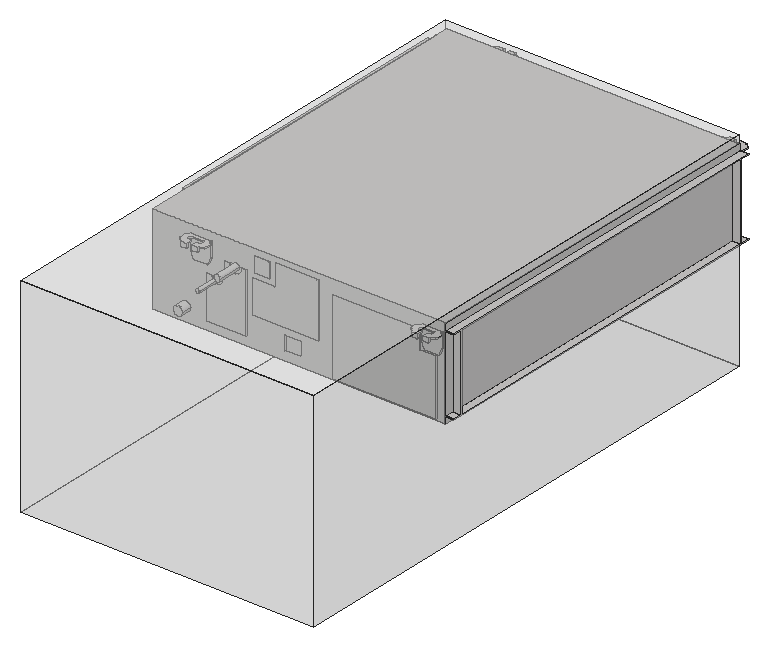
Revit family "outputfile", category 機械設備, Revit 2024
Family settings
  丸型コネクタ寸法 = 半径を使用
  パーツ タイプ = 標準
  OmniClass 番号 = 23.75.10.24.21.27.27
  OmniClass タイトル = Split System Air Conditioning Units
  作業面ベース = いいえ
  常に垂直 = はい
  ロード時にボイドで切り取り = いいえ
  注釈の向きを維持 = いいえ
  共有 = いいえ
  部屋計算ポイント = はい
Parameters (values of type "FBFC30DV2S")
  Description = ""
  製造元 = "Daikin"
  書き出し IFC クラス(タイプ) = "IfcUnitaryEquipmentType"
  定義済み IFC タイプ(タイプ) = "AIRCONDITIONINGUNIT"
  Cost = 0
  モデル = "FBFC30DV2S"
  Type Comments = ""
  Keynote = ""
  Type Image = (empty or 0)
  Assembly Code = ""
  switch_frequency = yes
  r_Liquid Pipe Size = Liquid Pipe Size / 2  # 4.75 mm
  r_Gas Pipe Size = Gas Pipe Size / 2  # 7.95 mm
  r_Drain Pipe Size = Drain Pipe Size / 2  # 12.5 mm
  lw_power = 770.0 mm  # constant formula
  lh_SA = 138.0 mm  # constant formula
  lw_SA = if(Depth = 550.0 mm, 225.0 mm, if(Depth = 700.0 mm, 300.0 mm, if(Depth = 1000.0 mm, 450.0 mm, if(Depth = 1400.0 mm, 650.0 mm, 725.0 mm))))  # 450.0 mm
  lw_RA = if(Depth = 550.0 mm, 275.0 mm, if(Depth = 700.0 mm, 349.0 mm, if(Depth = 1000.0 mm, 499.0 mm, if(Depth = 1400.0 mm, 699.0 mm, 775.0 mm))))  # 499.0 mm
  lh_power = 60.0 mm + [h***]  # 60.0 mm
  lh_mountinghole1 = lh_mountinghole + [h***]  # 222.0 mm
  lh_RA = 123.0 mm  # constant formula
  ld_power = Depth / 2  # 500.0 mm
  connector_voltage = Voltage_50Hz  # 220 V
  connector_powerinput = [Power Input (Cooling)]  # 0.000 kW
  connector_phase = Phase_50Hz  # 1
  Voltage_comment_50Hz = "220 - 240"
  Voltage_50Hz = 220 V
  URL = ""
  Supply Air Direction [instance] = yes
  Sound Power Level_H speed (dB) = 0
  Phase_50Hz = 1
  Minimum External Static Pressure = 40.00 Pa
  Minimum Circuit Amps_50Hz = 0.0 A
  Maximum Fuse Amps_50Hz = 0.0 A
  Maximum External Static Pressure = 140.00 Pa
  Material_Casing = DAIKIN_GalvanizedSteel_Casing_indoorunit
  lw_mountinghole = 630.0 mm  # constant formula
  lh_gaspipe = 183.0 mm + [h***]  # 183.0 mm
  lh_mountinghole = 222.0 mm  # constant formula
  lh_liquidpipe = 136.0 mm + [h***]  # 136.0 mm
  lh_drainpipe = 38.0 mm + [h***]  # 38.0 mm
  lh_antena = Height - lh_mountinghole + 1.0 mm  # 24.0 mm
  ld_drainpipe = Depth / 2 + 26.0 mm  # 526.0 mm
  ld_liquidpipe = Depth / 2 + 69.0 mm  # 569.0 mm
  ld_gaspipe = Depth / 2 + 65.0 mm  # 565.0 mm
  ld_mountinghole = Depth + 38.0 mm  # 1038.0 mm
  h*** = 0.0 mm  # constant formula
  lw_liquidpipe = 179.0 mm  # constant formula
  lw_gaspipe = 229.0 mm  # constant formula
  lw_drainpipe = 91.0 mm  # constant formula
  Width = 800.0 mm
  Version = "ver.1.0"
  Unit Type = "M.S.P. Duct"
  Unit Mass Weight = 36.00 kg
  Unit Designation [instance] = ""
  Uniclass2015Version = "Products v1.30"
  Uniclass2015Title = "Split coil room air conditioning units"
  Uniclass2015Code = "Pr_70_65_03_86"
  Total Cooling Capacity [instance] = 0.000 kW
  Sound Pressure Level_M speed (dBA) = 37
  Sound Pressure Level_L speed (dBA) = 34
  Sound Pressure Level_H speed (dBA) = 39
  Series = "SkyAir_Fan Coil Unit"
  Sensible Cooling Capacity [instance] = 0.000 kW
  SA Duct Size Width = 792.0 mm
  SA Duct Size Height = 176.0 mm
  Refrigerant Type = "R32"
  RA Duct Size Width = 952.0 mm
  RA Duct Size Height = 208.0 mm
  Power Input (Cooling) = 0.000 kW
  Option Accessory 3 [instance] = ""
  Option Accessory 2 [instance] = ""
  Option Accessory 1 [instance] = ""
  Nominal Cooling Capacity = 8.800 kW
  Minimum Airflow = 990.00 m³/h
  Median Airflow = 1200.00 m³/h
  Maximum Airflow = 1500.00 m³/h
  Load Classification = HVAC
  Liquid Pipe Size = 9.5 mm
  Link_Nested Family [instance] = ""
  IfcVersion = ""
  IfcExportType = "AIRCONDITIONINGUNIT"
  IfcExportAs = "IfcUnitaryEquipmentType"
  Height = 245.0 mm
  Heat Exchanger Type = "Cross Fin Coil"
  Gas Pipe Size = 15.9 mm
  Frequency_50Hz = 50 Hz
  Fan Type = "Sirocco Fan"
  Fan Drive = "Direct Drive"
  FCU Tag No. [instance] = ""
  Drain Pipe Size = 25.0 mm
  Design Supply Airflow [instance] = 0.00 m³/h
  Design Return Airflow [instance] = 0.00 m³/h
  Design External Static Pressure [instance] = 0.00 Pa
  Depth = 1000.0 mm
  既定の高さ = 0.0 mm
  Cooling Entering Wet Bulb Temperature [instance] = 0.00 °C
  Cooling Entering Dry Bulb Temperature [instance] = 0.00 °C
  Cooling Ambient Wet Bulb Temperature [instance] = 0.00 °C
  Cooling Ambient Dry Bulb Temperature [instance] = 0.00 °C
  Clearance visibility [instance] = yes
  Clearance Top = 20.0 mm
  Clearance Right = 0.0 mm
  Clearance Rear = 0.0 mm
  Clearance Left = 0.0 mm
  Clearance Front = 450.0 mm
  Clearance Bottom = 300.0 mm
Reference planes
  plane 1 "Center (Front/Back)": y = 0
  plane 2 "h": z = 0
  plane 3 "Center (Left/Right)": x = 0
  plane 4 "Back": y = 500
  plane 5 "Front": y = -500
  plane 6 "Left": x = -400
  plane 7 "Right": x = 400
  plane 8 "Top": z = 0
  plane 9 "Bottom": z = -245
  plane 10: y = -215
  plane 11: y = 500
  plane 12: y = -950
  plane 13: x = -400
  plane 14: x = 400
  plane 15: z = 20
  plane 16: z = -545
  plane 17: x = -400
  plane 18: x = -399
  plane 19: x = 399
  plane 20: y = 50
  plane 21: y = -1
  plane 22: z = -122
  plane 23: y = -501
  plane 24: z = -109
  plane 25: x = -221
  plane 26: y = -565
  plane 27: z = -62
  plane 28: x = -171
  plane 29: y = -526
  plane 30: z = -207
  plane 31: x = -309
  plane 32: x = -309
  plane 33: x = -221
  plane 34: x = -171
  plane 35: x = 370
  plane 36: x = -266
  plane 37: x = 364
  plane 38: y = -519
  plane 39: y = 519
  plane 40: z = -23
  plane 41: z = -107
  plane 42: y = -569
  plane 43: y = -526
  plane 44: x = -251
  plane 45: x = -203
  plane 46: x = -144
  plane 47: z = -59
  plane 48: z = -106
  plane 49: z = -221
  plane 50: z = -109
  plane 51: x = -221
  plane 52: z = -62
  plane 53: x = -171
  plane 54: z = -17
  plane 55: z = -59
  plane 56: x = -121
  plane 57: x = -79
  plane 58: x = -125
  plane 59: x = -64
  plane 60: x = 53
  plane 61: z = -164
  plane 62: z = -73
  plane 63: z = -16
  plane 64: x = 93.5
  plane 65: x = 374.5
  plane 66: x = 330
  plane 67: z = -88.5
  plane 68: z = -38
  plane 69: z = -242.5
  plane 70: x = -38.5
  plane 71: x = 6.5
  plane 72: z = -181
  plane 73: z = -221
  plane 74: y = -499
  plane 75: x = -424
  plane 76: x = 424
Forms (mm)
  Extrusion 1, solid, material "DAIKIN_GalvanizedSteel_Casing_indoorunit" <- "Material_Casing"
    sketch origin (0, 0, 0) x (1, 0, 0) y (0, 1, 0)
      loop
        line (-399, 500) -> (-399, -500) -> (399, -500) -> (399, 500) -> (-399, 500)
    from -245 to 0
  Extrusion 2, solid, material "DAIKIN_GalvanizedSteel_Casing_indoorunit" <- "Material_Casing"
    sketch origin (0, 0, 0) x (1, 0, 0) y (0, 0, 1)
      loop
        line (-251, -221) -> (-144, -221) -> (-144, -59) -> (-154.47, -59)
        arc (-154.47, -59) -> (-171, -78.8) -> (-187.53, -59) r 16.8
        line (-187.53, -59) -> (-203, -59) -> (-203, -106) -> (-206.916, -106)
        arc (-206.916, -106) -> (-221, -123.4) -> (-235.084, -106) r 14.4
        line (-235.084, -106) -> (-251, -106) -> (-251, -221)
    from 500 to 501
  Extrusion 3, solid, material "DAIKIN_GalvanizedSteel_Casing_indoorunit" <- "Material_Casing"
    sketch origin (0, 0, 0) x (1, 0, 0) y (0, 0, 1)
      loop
        line (-121, -17) -> (-121, -59) -> (-79, -59) -> (-79, -17) -> (-121, -17)
      loop
        line (-125, -73) -> (-125, -164) -> (53, -164) -> (53, -16) -> (-64, -16) -> (-64, -73) -> (-125, -73)
    from 500 to 501
  Extrusion 4, solid, material "DAIKIN_GalvanizedSteel_Casing_indoorunit" <- "Material_Casing"
    sketch origin (0, 0, 0) x (1, 0, 0) y (0, 0, 1)
      loop
        line (93.5, -38) -> (93.5, -242.5) -> (374.5, -242.5) -> (374.5, -88.5) -> (330, -88.5) -> (330, -38) -> (93.5, -38)
    from 500 to 501
  Extrusion 5, solid, material "DAIKIN_GalvanizedSteel_Casing_indoorunit" <- "Material_Casing"
    sketch origin (0, 0, 0) x (1, 0, 0) y (0, 0, 1)
      loop
        circle (-221, -109) r 4.75
    from 500 to 569
  Extrusion 6, solid, material "DAIKIN_GalvanizedSteel_Casing_indoorunit" <- "Material_Casing"
    sketch origin (0, 0, 0) x (1, 0, 0) y (0, 0, 1)
      loop
        circle (-171, -62) r 7.95
    from 500 to 565
  Extrusion 7, solid, material "DAIKIN_GalvanizedSteel_Casing_indoorunit" <- "Material_Casing"
    sketch origin (0, 0, 0) x (1, 0, 0) y (0, 0, 1)
      loop
        circle (-309, -207) r 12.5
    from 500 to 526
  Extrusion 8, void
    sketch origin (0, 0, 0) x (1, 0, 0) y (0, 0, 1)
      loop
        line (-38.5, -181) -> (-38.5, -221) -> (6.5, -221) -> (6.5, -181) -> (-38.5, -181)
    from 499 to 500
Cuts and joins
  Extrusion 8 cuts Extrusion 1
Dimensions and locks
  "Height": plane 8 "Top" to plane 9 "Bottom"
  equal spacing: plane 4 "Back", plane 1 "Center (Front/Back)", plane 5 "Front"
  "Depth": plane 4 "Back" to plane 5 "Front"
  equal spacing: plane 6 "Left", plane 3 "Center (Left/Right)", plane 7 "Right"
  "Width": plane 6 "Left" to plane 7 "Right"
  "Clearance Left": plane 13 to plane 6 "Left"
  "Clearance Right": plane 7 "Right" to plane 14
  "Clearance Rear": plane 11 to plane 4 "Back"
  "Clearance Front": plane 5 "Front" to plane 12
  "Clearance Top": plane 15 to plane 8 "Top"
  "Clearance Bottom": plane 9 "Bottom" to plane 16
  locked: plane 17 to plane 18 at 1
  locked: plane 19 to plane 14 at 1
  "lw_SA": plane 11 to plane 20
  "lw_RA": plane 21 to plane 5 "Front"
  "lh_RA": plane 22 to plane 9 "Bottom"
  locked: plane 5 "Front" to plane 23 at 1
  "lw_liquidpipe": plane 25 to plane 6 "Left"
  "lh_liquidpipe": plane 24 to plane 9 "Bottom"
  "lh_gaspipe": plane 27 to plane 9 "Bottom"
  "lw_gaspipe": plane 28 to plane 6 "Left"
  "ld_gaspipe": plane 26 to plane 1 "Center (Front/Back)"
  "ld_drainpipe": plane 29 to plane 1 "Center (Front/Back)"
  "lh_drainpipe": plane 30 to plane 9 "Bottom"
  "lw_drainpipe": plane 31 to plane 6 "Left"
  "lw_drainpipe": plane 6 "Left" to plane 32
  "lw_liquidpipe": plane 6 "Left" to plane 33
  "lw_gaspipe": plane 6 "Left" to plane 34
  "lw_power": plane 6 "Left" to plane 35
  locked: plane 17 to plane 36 at 134
  "lw_mountinghole": plane 36 to plane 37
  equal spacing: plane 38, plane 1 "Center (Front/Back)", plane 39
  "ld_mountinghole": plane 39 to plane 38
  "lh_mountinghole": plane 40 to plane 9 "Bottom"
  "lh_SA": plane 41 to plane 9 "Bottom"
  locked: plane 5 "Front" to plane 43 at 26
  plane 46 to plane 45 to plane 44 to plane 6 "Left" = 59.0 mm, 48.0 mm, 149.0 mm
  plane 8 "Top" to plane 47 to plane 48 to plane 49 = 59.0 mm locked, 47.0 mm locked, 115.0 mm locked
  plane 53 to plane 51 to plane 6 "Left" = 50.0 mm locked, 179.0 mm locked
  plane 52 to plane 50 to plane 9 "Bottom" = 47.0 mm locked, 136.0 mm locked
  plane 57 to plane 56 to plane 6 "Left" = 42.0 mm locked, 279.0 mm locked
  plane 8 "Top" to plane 54 to plane 55 = 17.0 mm locked, 42.0 mm locked
  plane 60 to plane 59 to plane 58 to plane 6 "Left" = 117.0 mm, 61.0 mm, 275.0 mm
  plane 8 "Top" to plane 63 to plane 62 = 16.0 mm locked, 57.0 mm locked
  locked: plane 63 to plane 61 at 148
  plane 8 "Top" to plane 68 to plane 67 to plane 69 = 38.0 mm locked, 50.5 mm locked, 154.0 mm locked
  plane 65 to plane 66 to plane 64 to plane 6 "Left" = 44.5 mm locked, 236.5 mm locked, 493.5 mm locked
  plane 8 "Top" to plane 72 to plane 73 = 181.0 mm locked, 40.0 mm locked
  plane 71 to plane 70 to plane 6 "Left" = 45.0 mm, 361.5 mm
  locked: plane 74 to plane 5 "Front" at 1
  locked: plane 75 to plane 17 at 24
  locked: plane 14 to plane 76 at 24
  "ld_liquidpipe": plane 42 to plane 1 "Center (Front/Back)"
  "r_Liquid Pipe Size": radius of Extrusion 5 sketch curve
  "r_Gas Pipe Size": radius of Extrusion 6 sketch curve
  "r_Drain Pipe Size": radius of Extrusion 7 sketch curve
  aligned and locked: level to plane 2 "h"
  aligned and locked: plane 8 "Top" to Extrusion 1
  aligned and locked: Extrusion 1 to plane 9 "Bottom"
  aligned and locked: nested 5 to plane 12
  aligned and locked: plane 13 to nested 5
  aligned and locked: plane 14 to nested 5
  aligned and locked: nested 5 to plane 13
  aligned and locked: plane 11 to nested 5
  aligned and locked: plane 15 to nested 5
  aligned and locked: plane 16 to nested 5
  aligned and locked: plane 5 "Front" to Extrusion 1 sketch curve
  aligned and locked: Extrusion 1 to plane 18
  aligned and locked: plane 19 to Extrusion 1
  aligned and locked: nested 7 to plane 18
  aligned and locked: nested 7 to plane 20
  aligned and locked: plane 19 to nested 8
  aligned and locked: plane 21 to nested 8
  aligned and locked: plane 22 to nested 8
  aligned and locked: Extrusion 2 to plane 23
  aligned and locked: plane 5 "Front" to Extrusion 2
  aligned and locked: Extrusion 3 to plane 23
  aligned and locked: plane 5 "Front" to Extrusion 3
  aligned and locked: plane 5 "Front" to Extrusion 4
  aligned and locked: Extrusion 5 sketch curve to plane 25
  aligned and locked: plane 24 to Extrusion 5 sketch curve
  aligned and locked: plane 5 "Front" to Extrusion 5
  aligned and locked: Extrusion 6 sketch curve to plane 28
  aligned and locked: plane 27 to Extrusion 6 sketch curve
  aligned and locked: plane 5 "Front" to Extrusion 6
  aligned and locked: Extrusion 7 sketch curve to plane 31
  aligned and locked: plane 30 to Extrusion 7 sketch curve
  aligned and locked: Extrusion 7 to plane 29
  aligned and locked: nested 3 to plane 29
  aligned and locked: plane 32 to nested 3
  aligned and locked: nested 2 to plane 33
  aligned and locked: nested 1 to plane 34
  aligned and locked: Extrusion 6 to plane 26
  aligned and locked: nested 1 to plane 26
  aligned and locked: nested 6 to plane 5 "Front"
  aligned and locked: nested 6 to plane 35
  aligned and locked: plane 36 to nested 10
  aligned and locked: nested 10 to plane 5 "Front"
  aligned and locked: plane 37 to nested 9
  aligned and locked: nested 9 to plane 5 "Front"
  aligned and locked: nested 11 to plane 36
  aligned and locked: plane 4 "Back" to nested 11
  aligned and locked: nested 12 to plane 37
  aligned and locked: plane 4 "Back" to nested 12
  aligned and locked: plane 40 to nested 10
  aligned and locked: plane 40 to nested 11
  aligned and locked: plane 40 to nested 9
  aligned and locked: plane 40 to nested 12
  aligned and locked: plane 36 to nested 14
  aligned and locked: nested 14 to plane 39
  aligned and locked: plane 37 to nested 13
  aligned and locked: nested 13 to plane 39
  aligned and locked: plane 37 to nested 16
  aligned and locked: plane 38 to nested 16
  aligned and locked: plane 38 to nested 15
  aligned and locked: plane 36 to nested 15
  aligned and locked: plane 17 to plane 6 "Left"
  aligned and locked: plane 41 to nested 7
  aligned and locked: Extrusion 5 to plane 42
  aligned and locked: nested 2 to plane 42
  aligned and locked: Extrusion 3 sketch curve to plane 54
  aligned and locked: Extrusion 3 sketch curve to plane 56
  aligned and locked: plane 55 to Extrusion 3 sketch curve
  aligned and locked: plane 57 to Extrusion 3 sketch curve
  aligned and locked: Extrusion 4 to plane 23
  aligned and locked: Extrusion 8 sketch curve to plane 72
  aligned and locked: plane 73 to Extrusion 8 sketch curve
  aligned and locked: plane 71 to Extrusion 8 sketch curve
  aligned and locked: plane 5 "Front" to Extrusion 8
  aligned and locked: plane 74 to Extrusion 8
  aligned and locked: nested 17 to plane 20
  aligned and locked: nested 17 to plane 75
  aligned and locked: plane 21 to nested 18
  aligned and locked: plane 76 to nested 18
  aligned and locked: plane 41 to nested 17
  aligned and locked: nested 18 to plane 22
  aligned and locked: nested 4 to plane 3 "Center (Left/Right)"
  aligned and locked: plane 1 "Center (Front/Back)" to nested 4
  aligned and locked: level to plane 8 "Top"
  aligned and locked: plane 5 "Front" to Extrusion 7
Automatic sketch dimensions
  plane 6 "Left" to Extrusion 1 sketch curve = 1.0 mm
  Extrusion 1 sketch curve to plane 7 "Right" = 1.0 mm
  Extrusion 1 sketch curve to plane 4 "Back" = 0.0 mm
  Extrusion 2 sketch curve to plane 44 = 0.0 mm
  Extrusion 2 sketch curve to plane 33 = 0.0 mm
  Extrusion 2 sketch curve to plane 45 = 0.0 mm
  Extrusion 2 sketch curve to plane 34 = 0.0 mm
  Extrusion 2 sketch curve to plane 46 = 0.0 mm
  Extrusion 2 sketch curve to plane 49 = 0.0 mm
  Extrusion 2 sketch curve to plane 50 = 0.0 mm
  Extrusion 2 sketch curve to plane 48 = 0.0 mm  (x3)
  Extrusion 2 sketch curve to plane 52 = 0.0 mm
  Extrusion 2 sketch curve to plane 47 = 0.0 mm  (x3)
  plane 33 to Extrusion 2 sketch curve = 14.084 mm
  plane 34 to Extrusion 2 sketch curve = 16.53 mm
  Extrusion 3 sketch curve to plane 58 = 0.0 mm
  Extrusion 3 sketch curve to plane 59 = 0.0 mm
  Extrusion 3 sketch curve to plane 60 = 0.0 mm
  Extrusion 3 sketch curve to plane 61 = 0.0 mm
  Extrusion 3 sketch curve to plane 62 = 0.0 mm
  Extrusion 3 sketch curve to plane 63 = 0.0 mm
  Extrusion 4 sketch curve to plane 64 = 0.0 mm
  Extrusion 4 sketch curve to plane 66 = 0.0 mm
  Extrusion 4 sketch curve to plane 65 = 0.0 mm
  Extrusion 4 sketch curve to plane 69 = 0.0 mm
  Extrusion 4 sketch curve to plane 67 = 0.0 mm
  Extrusion 4 sketch curve to plane 68 = 0.0 mm
  Extrusion 8 sketch curve to plane 70 = 0.0 mm
Nested families
  nested 1: "daikin_connector_rotate2" at (-171, 0, -62), length <- "ld_gaspipe", built-in parameter 1001364 <- "lh_gaspipe", radius <- "r_Gas Pipe Size", type "daikin_connector_rotate2"
    with radius 7.95 mm, length 565.0 mm, angle_vertical 90.00°
  nested 2: "daikin_connector_rotate2" at (-221, 0, -109), length <- "ld_liquidpipe", built-in parameter 1001364 <- "lh_liquidpipe", radius <- "r_Liquid Pipe Size", type "daikin_connector_rotate2"
    with radius 4.75 mm, length 569.0 mm, angle_vertical 90.00°
  nested 3: "daikin_connector_rotate2" at (-309, 0, -207), length <- "ld_drainpipe", built-in parameter 1001364 <- "lh_drainpipe", radius <- "r_Drain Pipe Size", type "daikin_connector_rotate2"
    with radius 12.5 mm, length 526.0 mm, angle_vertical 90.00°
  nested 4: "daikin_△_symbolicline" at (0, 0, 245) x (0, -1, 0) z (0, 0, 1), built-in parameter 1001364 <- "Height", visible <- "Supply Air Direction", type "daikin_△_symbolicline"
    with length 200.0 mm
  nested 5: "daikin_clearancespace" at (0, -225, -262.381), visible <- "Clearance visibility", show <- "Clearance visibility", Link_Nested Family <- "Link_Nested Family", type "daikin_clearancespace"
    with width 800.0 mm, show yes, height 565.0 mm, depth 1450.0 mm, Link_Nested Family ""
  nested 6: "daikin_connector_rotate2" at (370, 0, -185), built-in parameter 1001364 <- "lh_power", length <- "ld_power", type "daikin_connector_rotate2"
    with radius 10.0 mm, length 500.0 mm, angle_vertical 90.00°
  nested 7: "daikin_ductflange_FBFC-DV2S2" at (-399, 50, -107) x (0, -1, 0) z (0, 0, 1), type "daikin_ductflange_FBFC-DV2S2"
    with width 792.0 mm, w 1000.0 mm
  nested 8: "daikin_ductflange_FBFC-DV2S" at (399, -1, -122) x (0, 1, 0) z (0, 0, 1), type "daikin_ductflange_FBFC-DV2S"
    with width 952.0 mm, lw 25.0 mm, w 1000.0 mm
  nested 9: "daikin_hangerfixture_FBFC-DV2S" at (364, -500, -23), type "daikin_hangerfixture_FBFC-DV2S"
  nested 10: "daikin_hangerfixture_FBFC-DV2S" at (-266, -500, -23), type "daikin_hangerfixture_FBFC-DV2S"
  nested 11: "daikin_hangerfixture_FBFC-DV2S" at (-266, 500, -23) x (-1, 0, 0) z (0, 0, 1), type "daikin_hangerfixture_FBFC-DV2S"
  nested 12: "daikin_hangerfixture_FBFC-DV2S" at (364, 500, -23) x (-1, 0, 0) z (0, 0, 1), type "daikin_hangerfixture_FBFC-DV2S"
  nested 13: "daikin_mountinghole" at (364, 519, -245), h_mountinghole <- "lh_mountinghole1", l_antenna <- "lh_antena", Link_Nested Family <- "Link_Nested Family", type "daikin_mountinghole"
    with show yes, l_antenna 24.0 mm, h_mountinghole 222.0 mm, Link_Nested Family ""
  nested 14: "daikin_mountinghole" at (-266, 519, -245), h_mountinghole <- "lh_mountinghole1", l_antenna <- "lh_antena", Link_Nested Family <- "Link_Nested Family", type "daikin_mountinghole"
    with show yes, l_antenna 24.0 mm, h_mountinghole 222.0 mm, Link_Nested Family ""
  nested 15: "daikin_mountinghole" at (-266, -519, -245), h_mountinghole <- "lh_mountinghole1", l_antenna <- "lh_antena", Link_Nested Family <- "Link_Nested Family", type "daikin_mountinghole"
    with show yes, l_antenna 24.0 mm, h_mountinghole 222.0 mm, Link_Nested Family ""
  nested 16: "daikin_mountinghole" at (364, -519, -245), h_mountinghole <- "lh_mountinghole1", l_antenna <- "lh_antena", Link_Nested Family <- "Link_Nested Family", type "daikin_mountinghole"
    with show yes, l_antenna 24.0 mm, h_mountinghole 222.0 mm, Link_Nested Family ""
  nested 17: "daikin_connector_rotate2" at (-400, 50, -107) x (0, -1, 0) z (0, 0, 1), type "daikin_connector_rotate2"
    with radius 10.0 mm, length 24.0 mm, angle_vertical 90.00°
  nested 18: "daikin_connector_rotate2" at (400, -1, -122) x (0, 1, 0) z (0, 0, 1), type "daikin_connector_rotate2"
    with radius 10.0 mm, length 24.0 mm, angle_vertical 90.00°
Connectors
  piping at (-309, -526, -207), diameter 25, driven by "r_Drain Pipe Size"
    settings: on nested 3, index 3, connector inside diameter 609.6 mm, connector length 0.0 mm, flow factor 0, pipe flow 0.00 m³/h, pressure drop 0.0 Pa, fitting loss kfactor 0, connector angle 0.00°, fixture units 0, engagement length 0.0 mm, angle of deflection 0.00°, flow configuration 1, flow direction 2, fitting loss method 4, system type 16, joint type 0, gender type 0, connector reference index -1, connector utility 0, adjustable connector no, is connector primary yes, connector description "Condensate Drain Piping"
  piping at (-171, -565, -62), diameter 15.9, driven by "r_Gas Pipe Size"
    settings: on nested 1, index 4, connector inside diameter 609.6 mm, connector length 0.0 mm, flow factor 0, pipe flow 0.00 m³/h, pressure drop 0.0 Pa, fitting loss kfactor 0, connector angle 0.00°, fixture units 0, engagement length 0.0 mm, angle of deflection 0.00°, flow configuration 1, flow direction 2, fitting loss method 0, system type 29, joint type 0, gender type 0, connector reference index -1, connector utility 0, adjustable connector no, is connector primary no, connector description "Refrigerant Gas Piping"
  piping at (-221, -569, -109), diameter 9.5, driven by "r_Liquid Pipe Size"
    settings: on nested 2, index 5, connector inside diameter 609.6 mm, connector length 0.0 mm, flow factor 0, pipe flow 0.00 m³/h, pressure drop 0.0 Pa, fitting loss kfactor 0, connector angle 0.00°, fixture units 0, engagement length 0.0 mm, angle of deflection 0.00°, flow configuration 1, flow direction 1, fitting loss method 0, system type 29, joint type 0, gender type 0, connector reference index -1, connector utility 0, adjustable connector no, is connector primary no, connector description "Refrigerant Liquid Piping"
  electrical at (370, -500, -185), driven by "Load Classification", driven by "connector_powerinput", driven by "connector_phase", driven by "connector_voltage"
    settings: on nested 6, index 6, voltage 220 V, apparent load 0 VA, apparent load phase1 0 VA, apparent load phase2 0 VA, apparent load phase3 0 VA, power factor 1, load classification "HVAC", number of poles 1, system type 30, power factor state 1, is connector primary yes, connector utility no, sub classification motor no, connector description "Power Supply"
  hvac at (-424, 50, -107), driven by "SA Duct Size Height", driven by "SA Duct Size Width"
    settings: on nested 17, index 7, duct flow 0.00 m³/h, flow factor 0, pres drop 0.00 Pa, loss coef 0, conn angle 0.00°, conn width 792.0 mm, conn height 176.0 mm, conn diameter 609.6 mm, duct sys type 1, conn prof type 1, flow config 0, flow direction 2, loss method 4, conn ref index -1, conn util no, is conn primary yes, conn desc "SA Duct"
  hvac at (424, -1, -122), driven by "RA Duct Size Height", driven by "RA Duct Size Width"
    settings: on nested 18, index 8, duct flow 0.00 m³/h, flow factor 0, pres drop 0.00 Pa, loss coef 0, conn angle 0.00°, conn width 952.0 mm, conn height 208.0 mm, conn diameter 609.6 mm, duct sys type 2, conn prof type 1, flow config 0, flow direction 1, loss method 4, conn ref index -1, conn util no, is conn primary no, conn desc "RA Duct"
Definition of nested family "daikin_clearancespace"
  Parameters (values of type "daikin_clearancespace")
    Description = "daikin_clearancespace"
    width [instance] = 1823.963 mm
    show [instance] = yes
    material = none
    height [instance] = 1359.762 mm
    depth [instance] = 880.0 mm
    Default Elevation = 0.0 mm
    Link_Nested Family [instance] = ""
  Reference planes
    plane 1 "Center (Front/Back)": y = 0
    plane 2 "Center (Elevation)": z = -0.119
    plane 3 "Center (Left/Right)": x = 0
    plane 4: y = 440
    plane 5: y = -440
    plane 6 "Right": x = 911.982
    plane 7 "Left": x = -911.982
    plane 8 "Top": z = 679.762
    plane 9 "Bottom": z = -680
  Forms (mm)
    Extrusion 1, solid, material <- "material", visible <- "show"
      sketch origin (0, 0, 0) x (1, 0, 0) y (0, 1, 0)
        loop
          line (-911.982, 440) -> (-911.982, -440) -> (911.982, -440) -> (911.982, 440) -> (-911.982, 440)
      from -680 to 679.762
  Lines and regions (mm)
    symbolic lines, visible <- "show"
      curve 1: line (911.982, 440, 0) -> (-911.982, 440, 0)
      curve 2: line (-911.982, 440, 0) -> (-911.982, -440, 0)
      curve 3: line (-911.982, -440, 0) -> (911.982, -440, 0)
      curve 4: line (911.982, -440, 0) -> (911.982, 440, 0)
      curve 5: line (911.982, 0, 679.762) -> (-911.982, 0, 679.762)
      curve 6: line (911.982, 0, -680) -> (911.982, 0, 679.762)
      curve 7: line (-911.982, 0, -680) -> (911.982, 0, -680)
      curve 8: line (-911.982, 0, 679.762) -> (-911.982, 0, -680)
      curve 9: line (0, 440, 679.762) -> (0, -440, 679.762)
      curve 10: line (0, -440, 679.762) -> (0, -440, -680)
      curve 11: line (0, 440, -680) -> (0, 440, 679.762)
      curve 12: line (0, -440, -680) -> (0, 440, -680)
  Dimensions and locks
    "width": plane 7 "Left" to plane 6 "Right"
    "depth": plane 4 to plane 5
    "height": plane 8 "Top" to plane 9 "Bottom"
    equal spacing: plane 7 "Left", plane 3 "Center (Left/Right)", plane 6 "Right"
    equal spacing: plane 4, plane 1 "Center (Front/Back)", plane 5
    equal spacing: plane 8 "Top", plane 2 "Center (Elevation)", plane 9 "Bottom"
    aligned and locked: level to plane 2 "Center (Elevation)"
    aligned and locked: Extrusion 1 sketch curve to plane 4
    aligned and locked: plane 7 "Left" to Extrusion 1 sketch curve
    aligned and locked: Extrusion 1 sketch curve to plane 5
    aligned and locked: Extrusion 1 sketch curve to plane 6 "Right"
    aligned and locked: plane 8 "Top" to Extrusion 1
    aligned and locked: curve 1 to Extrusion 1
    aligned and locked: curve 2 to Extrusion 1
    aligned and locked: curve 3 to Extrusion 1
    aligned and locked: curve 4 to Extrusion 1
    aligned and locked: curve 5 to Extrusion 1
    aligned and locked: curve 6 to Extrusion 1
    aligned and locked: curve 7 to Extrusion 1
    aligned and locked: curve 8 to Extrusion 1
    aligned and locked: curve 9 to Extrusion 1
    aligned and locked: curve 10 to Extrusion 1
    aligned and locked: curve 11 to Extrusion 1
    aligned and locked: curve 12 to Extrusion 1
    aligned and locked: Extrusion 1 to plane 9 "Bottom"
Definition of nested family "daikin_ductflange_FBFC-DV2S2"
  Parameters (values of type "daikin_ductflange_FBFC-DVMG2")
    width = if(w = 550.0 mm, 337.0 mm, if(w = 700.0 mm, 492.0 mm, if(w = 1000.0 mm, 792.0 mm, if(w = 1400.0 mm, 1192.0 mm, 1337.0 mm))))  # 1192.0 mm
    material = none
    height = 215.0 mm
    depth = 1.0 mm
    w = 1400.0 mm
    Default Elevation = 0.0 mm
  Reference planes
    plane 1 "Center (Front/Back)": y = 0
    plane 2: z = 0
    plane 3 "Center (Left/Right)": x = 0
    plane 4: z = 88
    plane 5: z = -88
    plane 6: y = -25
    plane 7: z = 106
    plane 8: z = 89
    plane 9: y = -1
    plane 10: x = -617.5
    plane 11: x = 617.5
    plane 12: z = -106
    plane 13: z = -89
    plane 14: y = -1
    plane 15: x = 596
    plane 16: x = -596
    plane 17: x = 597
    plane 18: z = 87
    plane 19: z = -87
    plane 20: x = -597
    plane 21: z = 87
    plane 22: z = -87
    plane 23: y = -1
  Forms (mm)
    Extrusion 1, solid, material <- "material"
      sketch origin (0, 0, 0) x (0, 1, 0) y (0, 0, 1)
        loop
          line (-25, 88) -> (0, 88) -> (0, 106) -> (-1, 106) -> (-1, 89) -> (-25, 89) -> (-25, 88)
      from -617.5 to 617.5
    Extrusion 2, solid, material <- "material"
      sketch origin (0, 0, 0) x (0, 1, 0) y (0, 0, 1)
        loop
          line (-25, -88) -> (-25, -89) -> (-1, -89) -> (-1, -106) -> (0, -106) -> (0, -88) -> (-25, -88)
      from -617.5 to 617.5
    Extrusion 3, solid, material <- "material"
      sketch origin (0, 0, 0) x (1, 0, 0) y (0, 0, 1)
        loop
          line (596, 88) -> (596, -88) -> (617.5, -88) -> (617.5, -87) -> (597, -87) -> (597, 87) -> (617.5, 87) -> (617.5, 88) -> (596, 88)
      from 0 to 25
    Extrusion 4, solid, material <- "material"
      sketch origin (0, 0, 0) x (1, 0, 0) y (0, 0, 1)
        loop
          line (-617.5, 88) -> (-617.5, 87) -> (-597, 87) -> (-597, -87) -> (-617.5, -87) -> (-617.5, -88) -> (-596, -88) -> (-596, 88) -> (-617.5, 88)
      from 0 to 25
    Extrusion 5, solid, material <- "material"
      sketch origin (0, 0, 0) x (1, 0, 0) y (0, 0, 1)
        loop
          line (-617.5, 88) -> (-617.5, -88) -> (-596, -88) -> (-596, 88) -> (-617.5, 88)
        loop
          line (617.5, 88) -> (596, 88) -> (596, -88) -> (617.5, -88) -> (617.5, 88)
      from 0 to 1
  Cuts and joins
    joined: Extrusion 1, Extrusion 2, Extrusion 3, Extrusion 4, Extrusion 5
  Dimensions and locks
    plane 4 to level to plane 5 = 88.0 mm, 88.0 mm
    locked: plane 6 to plane 1 "Center (Front/Back)" at 25
    locked: plane 9 to plane 1 "Center (Front/Back)" at 1
    locked: plane 8 to plane 4 at 1
    locked: plane 16 to plane 10 at 21.5
    locked: plane 17 to plane 15 at 1
    locked: plane 4 to plane 18 at 1
    locked: plane 19 to plane 5 at 1
    "width": plane 15 to plane 16
    plane 4 to plane 5 = 176.0 mm
    locked: plane 16 to plane 20 at 1
    locked: plane 4 to plane 21 at 1
    locked: plane 22 to plane 5 at 1
    locked: plane 23 to plane 1 "Center (Front/Back)" at 1
    plane 4 to level to plane 5 = 88.0 mm locked, 88.0 mm locked
    locked: plane 5 to plane 13 at 1
    locked: plane 5 to plane 12 at 18
    locked: plane 7 to plane 4 at 18
    equal spacing: plane 15, plane 3 "Center (Left/Right)", plane 16
    locked: plane 11 to plane 15 at 21.5
    plane 11 to plane 10 = 1235.0 mm
    aligned and locked: level to plane 2
    aligned and locked: Extrusion 1 to plane 10
    aligned and locked: plane 11 to Extrusion 1
    aligned and locked: plane 5 to Extrusion 2
    aligned and locked: Extrusion 2 to plane 1 "Center (Front/Back)"
    aligned and locked: plane 15 to Extrusion 3 sketch curve
    aligned and locked: Extrusion 3 sketch curve to Extrusion 2  (x2)
    aligned and locked: Extrusion 3 sketch curve to plane 11
    aligned and locked: plane 6 to Extrusion 3
    aligned and locked: Extrusion 2 to plane 10
    aligned and locked: plane 11 to Extrusion 2
    aligned and locked: Extrusion 4 sketch curve to Extrusion 1  (x2)
    aligned and locked: plane 5 to Extrusion 4 sketch curve
    aligned and locked: Extrusion 4 sketch curve to plane 16
    aligned and locked: Extrusion 4 sketch curve to plane 22
    aligned and locked: plane 20 to Extrusion 4 sketch curve
    aligned and locked: plane 21 to Extrusion 4 sketch curve
    aligned and locked: Extrusion 4 to plane 1 "Center (Front/Back)"
    aligned and locked: plane 6 to Extrusion 4
    aligned and locked: Extrusion 5 sketch curve to Extrusion 1  (x4)
    aligned and locked: Extrusion 5 sketch curve to Extrusion 4  (x2)
    aligned and locked: Extrusion 5 sketch curve to Extrusion 3  (x2)
    aligned and locked: Extrusion 5 to plane 1 "Center (Front/Back)"
    aligned and locked: plane 23 to Extrusion 5
  Automatic sketch dimensions
    Extrusion 1 sketch curve to plane 6 = 0.0 mm
    Extrusion 1 sketch curve to plane 7 = 0.0 mm
    Extrusion 1 sketch curve to plane 9 = 0.0 mm
    Extrusion 1 sketch curve to plane 1 "Center (Front/Back)" = 0.0 mm
    Extrusion 1 sketch curve to plane 4 = 0.0 mm
    Extrusion 1 sketch curve to plane 8 = 0.0 mm
    Extrusion 2 sketch curve to plane 6 = 0.0 mm
    plane 12 to Extrusion 2 sketch curve = 0.0 mm
    Extrusion 2 sketch curve to plane 14 = 0.0 mm
    Extrusion 2 sketch curve to plane 1 "Center (Front/Back)" = 0.0 mm
    plane 13 to Extrusion 2 sketch curve = 0.0 mm
    Extrusion 2 sketch curve to plane 5 = 0.0 mm
    Extrusion 3 sketch curve to plane 17 = 0.0 mm
    Extrusion 3 sketch curve to plane 19 = 0.0 mm
    Extrusion 3 sketch curve to plane 18 = 0.0 mm
    Extrusion 3 sketch curve to plane 4 = 0.0 mm
    Extrusion 4 sketch curve to plane 10 = 0.0 mm
Definition of nested family "daikin_ductflange_FBFC-DV2S"
  Parameters (values of type "daikin_ductflange_FBFC-DVMG")
    width = if(w = 550.0 mm, 502.0 mm, if(w = 700.0 mm, 654.0 mm, if(w = 1000.0 mm, 952.0 mm, if(w = 1400.0 mm, 1352.0 mm, 1502.0 mm))))  # 654.0 mm
    material = none
    lw = if(width = 654.0 mm, 23.0 mm, 25.0 mm)  # 23.0 mm
    height = 208.0 mm
    depth = 1.0 mm
    w = 700.0 mm
    Default Elevation = 0.0 mm
  Reference planes
    plane 1 "Center (Front/Back)": y = 0
    plane 2: z = 0
    plane 3 "Center (Left/Right)": x = 0
    plane 4: z = 104
    plane 5: z = -104
    plane 6: y = -25
    plane 7: z = 121
    plane 8: z = 105
    plane 9: y = -1
    plane 10: x = -350
    plane 11: x = 350
    plane 12: z = -122
    plane 13: z = -105
    plane 14: y = -1
    plane 15: x = 327
    plane 16: x = -327
    plane 17: x = 328
    plane 18: z = 103
    plane 19: z = -103
    plane 20: x = -328
    plane 21: z = 103
    plane 22: z = -103
    plane 23: y = -1
  Forms (mm)
    Extrusion 1, solid, material <- "material"
      sketch origin (0, 0, 0) x (0, 1, 0) y (0, 0, 1)
        loop
          line (-25, 104) -> (0, 104) -> (0, 121) -> (-1, 121) -> (-1, 105) -> (-25, 105) -> (-25, 104)
      from -350 to 350
    Extrusion 2, solid, material <- "material"
      sketch origin (0, 0, 0) x (0, 1, 0) y (0, 0, 1)
        loop
          line (-25, -104) -> (-25, -105) -> (-1, -105) -> (-1, -122) -> (0, -122) -> (0, -104) -> (-25, -104)
      from -350 to 350
    Extrusion 3, solid, material <- "material"
      sketch origin (0, 0, 0) x (1, 0, 0) y (0, 0, 1)
        loop
          line (327, 104) -> (327, -104) -> (350, -104) -> (350, -103) -> (328, -103) -> (328, 103) -> (350, 103) -> (350, 104) -> (327, 104)
      from 0 to 25
    Extrusion 4, solid, material <- "material"
      sketch origin (0, 0, 0) x (1, 0, 0) y (0, 0, 1)
        loop
          line (-350, 104) -> (-350, 103) -> (-328, 103) -> (-328, -103) -> (-350, -103) -> (-350, -104) -> (-327, -104) -> (-327, 104) -> (-350, 104)
      from 0 to 25
    Extrusion 5, solid, material <- "material"
      sketch origin (0, 0, 0) x (1, 0, 0) y (0, 0, 1)
        loop
          line (-350, 104) -> (-350, -104) -> (-327, -104) -> (-327, 104) -> (-350, 104)
        loop
          line (350, 104) -> (327, 104) -> (327, -104) -> (350, -104) -> (350, 104)
      from 0 to 1
  Cuts and joins
    joined: Extrusion 1, Extrusion 2, Extrusion 3, Extrusion 4, Extrusion 5
  Dimensions and locks
    plane 4 to level to plane 5 = 104.0 mm, 104.0 mm
    locked: plane 6 to plane 1 "Center (Front/Back)" at 25
    locked: plane 9 to plane 1 "Center (Front/Back)" at 1
    locked: plane 8 to plane 4 at 1
    "lw": plane 11 to plane 15
    "lw": plane 16 to plane 10
    locked: plane 17 to plane 15 at 1
    locked: plane 4 to plane 18 at 1
    locked: plane 19 to plane 5 at 1
    "width": plane 15 to plane 16
    equal spacing: plane 15, plane 3 "Center (Left/Right)", plane 16
    locked: plane 16 to plane 20 at 1
    locked: plane 4 to plane 21 at 1
    locked: plane 22 to plane 5 at 1
    locked: plane 23 to plane 1 "Center (Front/Back)" at 1
    locked: plane 7 to plane 4 at 17
    locked: plane 1 "Center (Front/Back)" to plane 14 at 1
    locked: plane 5 to plane 13 at 1
    "height": plane 4 to plane 5
    plane 11 to plane 10 = 700.0 mm
    locked: plane 12 to plane 13 at 17
    equal spacing: plane 4, level, plane 5
    aligned and locked: level to plane 2
    aligned and locked: Extrusion 1 to plane 10
    aligned and locked: plane 11 to Extrusion 1
    aligned and locked: plane 5 to Extrusion 2
    aligned and locked: Extrusion 2 to plane 1 "Center (Front/Back)"
    aligned and locked: plane 15 to Extrusion 3 sketch curve
    aligned and locked: Extrusion 3 sketch curve to Extrusion 2  (x2)
    aligned and locked: Extrusion 3 sketch curve to plane 11
    aligned and locked: plane 6 to Extrusion 3
    aligned and locked: Extrusion 2 to plane 10
    aligned and locked: plane 11 to Extrusion 2
    aligned and locked: Extrusion 4 sketch curve to Extrusion 1  (x2)
    aligned and locked: plane 5 to Extrusion 4 sketch curve
    aligned and locked: Extrusion 4 sketch curve to plane 16
    aligned and locked: Extrusion 4 sketch curve to plane 22
    aligned and locked: plane 20 to Extrusion 4 sketch curve
    aligned and locked: plane 21 to Extrusion 4 sketch curve
    aligned and locked: Extrusion 4 to plane 1 "Center (Front/Back)"
    aligned and locked: plane 6 to Extrusion 4
    aligned and locked: Extrusion 5 sketch curve to Extrusion 1  (x4)
    aligned and locked: Extrusion 5 sketch curve to Extrusion 4  (x2)
    aligned and locked: Extrusion 5 sketch curve to Extrusion 3  (x2)
    aligned and locked: Extrusion 5 to plane 1 "Center (Front/Back)"
    aligned and locked: plane 23 to Extrusion 5
  Automatic sketch dimensions
    Extrusion 1 sketch curve to plane 6 = 0.0 mm
    Extrusion 1 sketch curve to plane 7 = 0.0 mm
    Extrusion 1 sketch curve to plane 9 = 0.0 mm
    Extrusion 1 sketch curve to plane 1 "Center (Front/Back)" = 0.0 mm
    Extrusion 1 sketch curve to plane 4 = 0.0 mm
    Extrusion 1 sketch curve to plane 8 = 0.0 mm
    Extrusion 2 sketch curve to plane 6 = 0.0 mm
    plane 12 to Extrusion 2 sketch curve = 0.0 mm
    Extrusion 2 sketch curve to plane 14 = 0.0 mm
    Extrusion 2 sketch curve to plane 1 "Center (Front/Back)" = 0.0 mm
    plane 13 to Extrusion 2 sketch curve = 0.0 mm
    Extrusion 2 sketch curve to plane 5 = 0.0 mm
    Extrusion 3 sketch curve to plane 17 = 0.0 mm
    Extrusion 3 sketch curve to plane 19 = 0.0 mm
    Extrusion 3 sketch curve to plane 18 = 0.0 mm
    Extrusion 3 sketch curve to plane 4 = 0.0 mm
    Extrusion 4 sketch curve to plane 10 = 0.0 mm
Definition of nested family "daikin_hangerfixture_FBFC-DV2S"
  Parameters (values of type "daikin_hangerfixture_FXMQ-PAVE")
    width = 72.0 mm
    material = none
    height = 60.0 mm
    depth = 41.0 mm
    Default Elevation = 0.0 mm
  Reference planes
    plane 1 "Center (Front/Back)": y = 0
    plane 2: z = 0
    plane 3 "Center (Left/Right)": x = 0
    plane 4: y = 417.146
    plane 5: y = -41
    plane 6: x = -36
    plane 7: x = 36
    plane 8: z = -2.3
    plane 9: z = -60
    plane 10: y = -2.3
    plane 11: z = -12
    plane 12: y = -38.7
  Forms (mm)
    Extrusion 1, solid, material <- "material"
      sketch origin (0, 0, 0) x (1, 0, 0) y (0, 1, 0)
        loop
          line (-28, 0) -> (-28, -5)
          arc (-28, -5) -> (-29.127, -8.162) -> (-32, -9.899) r 5
          arc (-32, -9.899) -> (-34.873, -11.636) -> (-36, -14.798) r 5
          line (-36, -14.798) -> (-36, -27.178)
          arc (-36, -27.178) -> (-35.429, -29.499) -> (-33.846, -31.289) r 5
          line (-33.846, -31.289) -> (-23, -38.798) -> (-23, -41.098) -> (-6.5, -41.098) -> (-6.5, -28.498)
          arc (-6.5, -28.498) -> (-7.379, -26.377) -> (-9.5, -25.498) r 3
          line (-9.5, -25.498) -> (-13.5, -25.498)
          arc (-13.5, -25.498) -> (-20, -18.998) -> (-13.5, -12.498) r 6.5
          line (-13.5, -12.498) -> (13.5, -12.498)
          arc (13.5, -12.498) -> (20, -18.998) -> (13.5, -25.498) r 6.5
          line (13.5, -25.498) -> (9.5, -25.498)
          arc (9.5, -25.498) -> (7.379, -26.377) -> (6.5, -28.498) r 3
          line (6.5, -28.498) -> (6.5, -41.098) -> (23, -41.098) -> (23, -38.798) -> (33.846, -31.289)
          arc (33.846, -31.289) -> (35.429, -29.499) -> (36, -27.178) r 5
          line (36, -27.178) -> (36, -14.596)
          arc (36, -14.596) -> (34.873, -11.434) -> (32, -9.697) r 5
          arc (32, -9.697) -> (29.127, -7.96) -> (28, -4.798) r 5
          line (28, -4.798) -> (28, 0) -> (-28, 0)
      from 0 to -2.3
    Extrusion 2, solid, material <- "material"
      sketch origin (0, 0, 0) x (1, 0, 0) y (0, 0, 1)
        loop
          line (28, -39.037) -> (28, 0) -> (-28, 0) -> (-28, -39.037)
          arc (-28, -39.037) -> (-27.91, -39.983) -> (-27.642, -40.894) r 5
          line (-27.642, -40.894) -> (-21.257, -56.857)
          arc (-21.257, -56.857) -> (-19.418, -59.14) -> (-16.615, -60) r 5
          line (-16.615, -60) -> (16.615, -60)
          arc (16.615, -60) -> (19.418, -59.14) -> (21.257, -56.857) r 5
          line (21.257, -56.857) -> (27.642, -40.894)
          arc (27.642, -40.894) -> (27.91, -39.983) -> (28, -39.037) r 5
      from 0 to 2.3
    Extrusion 3, solid, material <- "material"
      sketch origin (0, 0, 0) x (1, 0, 0) y (0, 0, 1)
        loop
          line (-23, 0) -> (-23, -9)
          arc (-23, -9) -> (-22.121, -11.121) -> (-20, -12) r 3
          line (-20, -12) -> (-9.5, -12)
          arc (-9.5, -12) -> (-7.379, -11.121) -> (-6.5, -9) r 3
          line (-6.5, -9) -> (-6.5, 0) -> (-23, 0)
        loop
          line (23, 0) -> (6.5, 0) -> (6.5, -9)
          arc (6.5, -9) -> (7.379, -11.121) -> (9.5, -12) r 3
          line (9.5, -12) -> (20, -12)
          arc (20, -12) -> (22.121, -11.121) -> (23, -9) r 3
          line (23, -9) -> (23, 0)
      from 38.8 to 41.098
  Cuts and joins
    joined: Extrusion 1, Extrusion 2, Extrusion 3
  Dimensions and locks
    plane 2 to plane 8 = 2.3 mm
    "height": plane 2 to plane 9
    locked: plane 10 to plane 1 "Center (Front/Back)" at 2.3
    locked: plane 2 to plane 11 at 12
    locked: plane 12 to plane 5 at 2.3
    aligned and locked: level to plane 2
    aligned and locked: Extrusion 1 to plane 8
    aligned and locked: plane 2 to Extrusion 1
    aligned and locked: plane 2 to Extrusion 2 sketch curve
    aligned and locked: Extrusion 2 to plane 10
    aligned and locked: Extrusion 2 to plane 1 "Center (Front/Back)"
    aligned and locked: Extrusion 3 sketch curve to cut or joined group of Extrusion 1, Extrusion 2, Extrusion 3  (x3)
    aligned and locked: cut or joined group of Extrusion 1, Extrusion 2, Extrusion 3 to Extrusion 3
  Automatic sketch dimensions
    Extrusion 2 sketch curve to plane 7 = 8.0 mm
    Extrusion 2 sketch curve to plane 8 = 36.737 mm
    plane 6 to Extrusion 2 sketch curve = 19.385 mm
    Extrusion 1 sketch curve to plane 6 = 0.0 mm
    plane 1 "Center (Front/Back)" to Extrusion 1 sketch curve = 0.0 mm
    Extrusion 1 sketch curve to plane 7 = 0.0 mm
    plane 6 to Extrusion 1 sketch curve = 2.154 mm
    plane 6 to Extrusion 1 sketch curve = 3.0 mm
    Extrusion 1 sketch curve to Extrusion 1 sketch curve = 5.0 mm  (x3)
    Extrusion 1 sketch curve to plane 12 = 0.098 mm  (x2)
    Extrusion 1 sketch curve to Extrusion 1 sketch curve = 4.0 mm  (x2)
    Extrusion 1 sketch curve to plane 5 = 0.098 mm  (x2)
    Extrusion 1 sketch curve to plane 3 "Center (Left/Right)" = 6.5 mm
    plane 3 "Center (Left/Right)" to Extrusion 1 sketch curve = 6.5 mm
    Extrusion 1 sketch curve to Extrusion 1 sketch curve = 3.0 mm
    Extrusion 1 sketch curve to plane 7 = 8.0 mm
    Extrusion 1 sketch curve to plane 7 = 5.0 mm
    Extrusion 1 sketch curve to plane 7 = 3.0 mm
    Extrusion 1 sketch curve to plane 7 = 2.154 mm
    plane 12 to Extrusion 1 sketch curve = 7.411 mm  (x2)
    plane 12 to Extrusion 1 sketch curve = 10.202 mm  (x2)
    Extrusion 1 sketch curve to Extrusion 1 sketch curve = 6.5 mm  (x2)
    Extrusion 1 sketch curve to Extrusion 1 sketch curve = 12.38 mm
    Extrusion 1 sketch curve to plane 10 = 12.296 mm
    Extrusion 1 sketch curve to plane 10 = 2.7 mm
    Extrusion 1 sketch curve to plane 10 = 2.498 mm
    plane 6 to Extrusion 1 sketch curve = 4.0 mm
    Extrusion 1 sketch curve to Extrusion 1 sketch curve = 0.0 mm  (x2)
    Extrusion 1 sketch curve to plane 7 = 4.0 mm
    Extrusion 1 sketch curve to Extrusion 1 sketch curve = 4.111 mm
    Extrusion 3 sketch curve to level = 0.0 mm  (x2)
    Extrusion 3 sketch curve to plane 11 = 0.0 mm  (x2)
    plane 11 to Extrusion 3 sketch curve = 3.0 mm  (x2)
    plane 3 "Center (Left/Right)" to Extrusion 3 sketch curve = 6.5 mm
    Extrusion 3 sketch curve to Extrusion 3 sketch curve = 3.0 mm  (x2)
    Extrusion 2 sketch curve to plane 9 = 0.0 mm
    Extrusion 2 sketch curve to Extrusion 2 sketch curve = 11.385 mm
    plane 6 to Extrusion 2 sketch curve = 8.0 mm
    plane 9 to Extrusion 2 sketch curve = 20.963 mm
    Extrusion 2 sketch curve to Extrusion 2 sketch curve = 5.0 mm  (x2)
    plane 9 to Extrusion 2 sketch curve = 3.143 mm  (x3)
    Extrusion 2 sketch curve to Extrusion 2 sketch curve = 4.642 mm  (x2)
    Extrusion 2 sketch curve to Extrusion 2 sketch curve = 0.0 mm  (x2)
    Extrusion 2 sketch curve to Extrusion 2 sketch curve = 0.358 mm
    Extrusion 2 sketch curve to Extrusion 2 sketch curve = 1.857 mm  (x2)
Definition of nested family "daikin_connector_rotate2"
  Parameters (values of type "daikin_connector_rotate2")
    Default Elevation = 1219.2 mm
    show_face = no
    radius [instance] = 10.0 mm
    length [instance] = 600.0 mm
    d_surface = 10.0 mm
    angle_vertical [instance] = 90.00°
  Reference planes
    plane 1 "Center (Front/Back)": y = 0
    plane 2: z = 0
    plane 3 "Center (Left/Right)": x = 0
  Forms (mm)
    Extrusion 1, solid, visible <- "show_face"
      sketch origin (0, -600, 0) x (1, 0, 0) y (0, 0, 1)
        loop
          circle (0, 0) r 10
      from 0 to -10
  Lines and regions (mm)
    reference lines
      curve 1: line (0, 0, 0) -> (0, -600, 0)
    symbolic lines
      curve 2: circle (0, 0, 0) r 5 normal (0, 0, 1)
    model lines, visible <- "show_face"
      curve 3: line (0, 0, 0) -> (0, -600, 0)
  Dimensions and locks
    "length": curve 1 to curve 1
    "length": curve 3 to curve 3
    "d_surface": Extrusion 1 to Extrusion 1
    "radius": radius of Extrusion 1 sketch curve
    "angle_vertical": angle curve 1 to plane 1 "Center (Front/Back)"
    "angle_vertical": angle curve 3 to plane 1 "Center (Front/Back)"
    aligned and locked: level to plane 2
    aligned and locked: plane 1 "Center (Front/Back)" to curve 1
    aligned and locked: plane 2 to curve 1
    aligned and locked: plane 1 "Center (Front/Back)" to curve 2
    aligned and locked: plane 3 "Center (Left/Right)" to curve 2
    aligned and locked: plane 1 "Center (Front/Back)" to curve 3
    aligned and locked: plane 2 to curve 3
    aligned and locked: Extrusion 1 to Extrusion 1
  Automatic sketch dimensions
    Extrusion 1 sketch curve to level = 0.0 mm
    Extrusion 1 sketch curve to plane 3 "Center (Left/Right)" = 0.0 mm
    radius of curve 2 = 5.0 mm
Definition of nested family "daikin_△_symbolicline"
  Parameters (values of type "daikin_△_symbolicline")
    length [instance] = 200.0 mm
    Default Elevation = 0.0 mm
  Reference planes
    plane 1 "Center (Front/Back)": y = 0
    plane 2: z = 0
    plane 3 "Center (Left/Right)": x = 0
  Lines and regions (mm)
    symbolic lines
      curve 1: line (0, -173.205, 0) -> (100, 0, 0)
      curve 2: line (100, 0, 0) -> (-100, 0, 0)
      curve 3: line (-100, 0, 0) -> (0, -173.205, 0)
  Dimensions and locks
    equal spacing: curve 3, plane 3 "Center (Left/Right)", curve 2
    "length": curve 3 to curve 2
    "length": curve 3 to curve 3
    "length": curve 1 to curve 1
    aligned and locked: level to plane 2
    aligned and locked: curve 2 to plane 1 "Center (Front/Back)"
    aligned and locked: plane 3 "Center (Left/Right)" to curve 3
Definition of nested family "daikin_mountinghole"
  Parameters (values of type "daikin_mountinghole")
    Default Elevation = 1219.2 mm
    Type Comments = "mountinghole"
    show [instance] = yes
    material = none
    l_centerline = 100.0 mm
    l_antenna [instance] = 100.0 mm
    h_mountinghole [instance] = 0.0 mm
    d_circle = 30.0 mm
    Link_Nested Family [instance] = ""
  Reference planes
    plane 1 "Center (Front/Back)": y = 0
    plane 2: z = 0
    plane 3 "Center (Left/Right)": x = 0
    plane 4: y = 50
    plane 5: x = -50
    plane 6: x = 50
    plane 7: y = -50
    plane 8 "h_mountinghole": z = 0
    plane 9: z = 100
  Lines and regions (mm)
    model lines, detail levels fine
      curve 1: circle (0, 0, 0) r 15 normal (0, 0, 1)
      curve 2: line (-50, 0, 0) -> (50, 0, 0)
      curve 3: line (0, 50, 0) -> (0, -50, 0)
    symbolic lines, detail levels fine
      curve 4: circle (0, 0, 0) r 15 normal (0, 0, 1)
      curve 5: line (-50, 0, 0) -> (50, 0, 0)
      curve 6: line (0, 50, 0) -> (0, -50, 0)
    model lines
      curve 7: line (0, 0, 100) -> (0, 0, 0)
  Dimensions and locks
    equal spacing: plane 4, plane 1 "Center (Front/Back)", plane 7
    "l_centerline": plane 4 to plane 7
    equal spacing: plane 5, plane 3 "Center (Left/Right)", plane 6
    "l_centerline": plane 5 to plane 6
    "l_antenna": plane 9 to plane 8 "h_mountinghole"
    "h_mountinghole": plane 8 "h_mountinghole" to plane 2
    "d_circle": diameter of curve 1
    "d_circle": diameter of curve 4
    aligned and locked: level to plane 2
    aligned and locked: plane 1 "Center (Front/Back)" to curve 1
    aligned and locked: plane 3 "Center (Left/Right)" to curve 1
    aligned and locked: plane 1 "Center (Front/Back)" to curve 2
    aligned and locked: curve 3 to plane 3 "Center (Left/Right)"
    aligned and locked: plane 6 to curve 2
    aligned and locked: plane 5 to curve 2
    aligned and locked: plane 4 to curve 3
    aligned and locked: plane 7 to curve 3
    aligned and locked: plane 1 "Center (Front/Back)" to curve 4
    aligned and locked: plane 3 "Center (Left/Right)" to curve 4
    aligned and locked: plane 6 to curve 5
    aligned and locked: plane 5 to curve 5
    aligned and locked: plane 1 "Center (Front/Back)" to curve 5
    aligned and locked: plane 4 to curve 6
    aligned and locked: plane 7 to curve 6
    aligned and locked: curve 6 to plane 3 "Center (Left/Right)"
    aligned and locked: curve 7 to plane 3 "Center (Left/Right)"
    aligned and locked: plane 9 to curve 7
    aligned and locked: plane 8 "h_mountinghole" to curve 7
